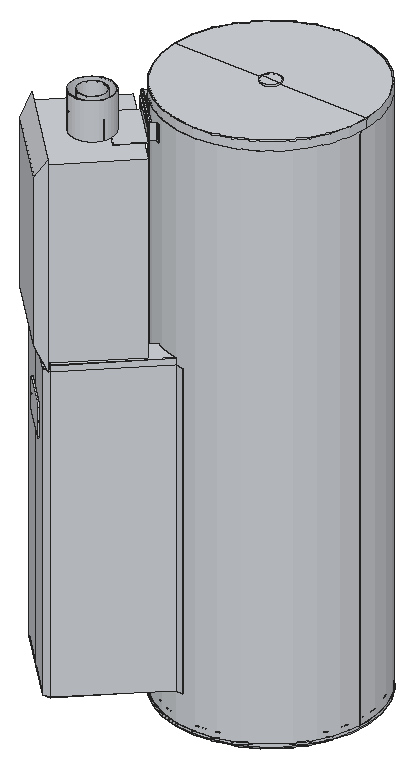
Revit family "315L Indoor Commercial Gas Storage Water Heater ,m,mn", category Mechanical Equipment, Revit 2017
Family settings
  Round Connector Dimension = Use Diameter
  Part Type = Normal
  Work Plane-Based = No
  Always vertical = Yes
  Cut with Voids When Loaded = No
  Shared = No
  Room Calculation Point = No
Parameters (values of type "Indoor")
  Weight (Kg) = "139"
  Total Maximum  power requirement(Watts) = "245"
  Supply Air/Air Inlet pipe diameter = 79.97 mm
  Supply Air/Air Inlet pipe connector description = "80-125mm coaxial air connector"
  Supply Air/Air Inlet connector classification = "Supply Air"
  Product description = "315L Indoor Commercial Gas Storage Water Heater"
  Product SKU Thermann brand = "T12813FN/LTK"
  Product SKU Dux brand = "D12813FN/LTK"
  Optional Cold Water Inlet connector description = "Optional Cold Water Inlet connector: Male threaded connector R1-1/4\"(DN32)"
  Nominal width = "619mm"
  Nominal height = "1760mm"
  Nominal gas consumption (MJ/h) = "205"
  Nominal depth = "916mm"
  No. of power supply point required = "1"
  Hot Water Outlet connector description = "Hot Water Outlet connector: Male threaded connector R1-1/4\"(DN32)"
  Gas Inlet connector description = "Gas Inlet connector description:Male threaded connector R¾”(DN20)"
  Exhaust Air pipe diameter = 125.016 mm
  Exhaust Air pipe connector system classification = "Exhaust Air"
  Exhaust Air pipe connector description = "80-125mm coaxial air connector"
  Cold Water Inlet  connector description = "Cold Water Inlet  connector description: Male threaded connector R1-1/4\"(DN32)"
Reference planes
  plane 1 "Center (Front/Back)": y = 0
  plane 2: z = 0
  plane 3 "Center (Left/Right)": x = 0
Forms (mm)
  Extrusion 1, solid
    sketch origin (0, 0, 0) x (1, 0, 0) y (0, 1, 0)
      loop
        circle (0, 0) r 276.1
      loop
        circle (0, 0) r 266.1
    from 0 to 2.194
  Revolve 2, solid
    sketch origin (0, 0, 284.956) x (1, 0, 0) y (0, 1, 0)
      loop
        line (-192.426, 252.53) -> (-208.243, 245.154) -> (-209.304, 244.093) -> (-210.698, 241.103) -> (-209.477, 239.882) -> (-208.082, 242.872) -> (-192.015, 226.805) -> (-190.247, 227.158) -> (-196.636, 233.547) -> (-188.575, 241.608) -> (-195.801, 248.834) -> (-190.979, 251.083) -> (-192.426, 252.53)
      axis (-208.703, 208.703) -> (-226.698, 226.698)
    angle from 0 to 360
  Revolve 3, solid
    sketch origin (0, 0, 699.956) x (1, 0, 0) y (0, 1, 0)
      loop
        line (-192.426, 252.53) -> (-208.243, 245.154) -> (-209.304, 244.093) -> (-210.698, 241.103) -> (-209.477, 239.882) -> (-208.082, 242.872) -> (-192.015, 226.805) -> (-190.247, 227.158) -> (-196.636, 233.547) -> (-188.575, 241.608) -> (-195.801, 248.834) -> (-190.979, 251.083) -> (-192.426, 252.53)
      axis (-208.703, 208.703) -> (-226.698, 226.698)
    angle from 0 to 360
  Revolve 4, solid
    sketch origin (0, 0, 1465.35) x (1, 0, 0) y (0, 1, 0)
      loop
        line (-192.426, 252.53) -> (-208.243, 245.154) -> (-209.304, 244.093) -> (-210.698, 241.103) -> (-209.477, 239.882) -> (-208.082, 242.872) -> (-192.015, 226.805) -> (-190.247, 227.158) -> (-196.636, 233.547) -> (-188.575, 241.608) -> (-195.801, 248.834) -> (-190.979, 251.083) -> (-192.426, 252.53)
      axis (-208.703, 208.703) -> (-226.698, 226.698)
    angle from 0 to 360
  Revolve 5, solid
    sketch origin (0, 0, 1536.7) x (1, 0, 0) y (0, 1, 0)
      loop
        line (-270.484, 120.104) -> (-280.514, 123.755) -> (-273.611, 141.089) -> (-275.111, 141.635) -> (-287.868, 126.432) -> (-288.381, 125.022) -> (-288.381, 119.329) -> (-287.181, 118.892) -> (-287.181, 124.585) -> (-272.407, 119.208) -> (-270.484, 120.104)
      axis (-294.829, 107.309) -> (-277.444, 100.981)
    angle from 0 to 360
  Revolve 6, solid
    sketch origin (0, 0, 0) x (1, 0, 0) y (0, 0, 1)
      loop
        line (0, 1756.25) -> (28.956, 1756.25) -> (28.956, 1752.05) -> (306.206, 1752.05) -> (306.206, 1723.844) -> (307, 1723.844) -> (307, 1751.244)
        arc (307, 1751.244) -> (306.531, 1752.375) -> (305.4, 1752.844) r 1.6
        line (305.4, 1752.844) -> (29.75, 1752.844) -> (29.75, 1757.044) -> (0, 1757.044) -> (0, 1756.25)
      axis (0, 1757.044) -> (0, 1723.844)
    angle from 0 to 360
  Revolve 7, solid
    sketch origin (0, 0, 0) x (1, 0, 0) y (0, 0, 1)
      loop
        line (0, 2.194) -> (276.1, 2.194)
        arc (276.1, 2.194) -> (286.649, 5.621) -> (293.169, 14.595) r 17.947
        line (293.169, 14.595) -> (296.846, 38.566)
        arc (296.846, 38.566) -> (297.212, 39.133) -> (297.812, 38.824) r 0.502
        line (297.812, 38.824) -> (304.16, 21.873)
        arc (304.16, 21.873) -> (306.782, 19.717) -> (309.103, 22.194) r 2.482
        line (309.103, 22.194) -> (309.103, 29.758)
        arc (309.103, 29.758) -> (308.674, 30.175) -> (308.057, 30.108) r 0.702
        line (308.057, 30.108) -> (307.157, 28.694) -> (307.157, 22.194) -> (305.023, 26.761)
        arc (305.023, 26.761) -> (302.046, 34.658) -> (297.668, 41.873) r 45.75
        arc (297.668, 41.873) -> (295.668, 41.89) -> (294.507, 40.262) r 2.165
        line (294.507, 40.262) -> (291.586, 19.478)
        arc (291.586, 19.478) -> (286.805, 8.983) -> (276.1, 4.694) r 15.503
        line (276.1, 4.694) -> (0, 4.694) -> (0, 2.194)
      axis (0, 41.873) -> (0, 2.194)
    angle from 0 to 360
  Revolve 8, solid
    sketch origin (0, 0, 0) x (1, 0, 0) y (0, 0, 1)
      loop
        line (306.6, 1723.844) -> (304.702, 1723.844) -> (304.702, 28.694) -> (306.6, 28.694) -> (306.6, 1723.844)
      axis (0, 1723.844) -> (0, 28.694)
    angle from -4.435 to 355.2
  Extrusion 9, solid
    sketch origin (-354.29, -14.315, 862.194) x (0.06401, -0.997949, 0) y (0, 0, 1)
      loop
        line (4.097, 16.1) -> (-5.198, 0) -> (4.097, -16.1) -> (22.688, -16.1) -> (31.983, 0) -> (22.688, 16.1) -> (4.097, 16.1)
      loop
        circle (13.393, 0) r 12.193
    from 0 to -6.5
  Extrusion 10, solid
    sketch origin (-354.29, -14.315, 862.194) x (0.06401, -0.997949, 0) y (0, 0, 1)
      loop
        line (-9.235, -4.728) -> (9.957, -11.336) -> (19.372, -20.751)
        arc (19.372, -20.751) -> (25.806, -23.234) -> (28.6, -16.928) r 5
        line (28.6, -16.928) -> (28.6, 16.928)
        arc (28.6, 16.928) -> (26.568, 22.838) -> (20.357, 22.15) r 5
        line (20.357, 22.15) -> (9.326, 11.119) -> (-9.235, 4.728)
        arc (-9.235, 4.728) -> (-12.607, 0) -> (-9.235, -4.728) r 5
      loop
        circle (23.893, 18.615) r 2.75
      loop
        circle (-7.607, 0) r 2.75
      loop
        circle (23.893, -18.615) r 2.75
    from -48.859 to -42.22
  Revolve 11, solid
    sketch origin (0, 0, 862.012) x (1, 0, 0) y (0, 1, 0)
      loop
        line (-313.508, -14.197) -> (-330.251, -15.271)
        arc (-330.251, -15.271) -> (-331.024, -15.168) -> (-331.699, -14.777) r 2
        line (-331.699, -14.777) -> (-335.871, -11.108)
        arc (-335.871, -11.108) -> (-336.547, -10.716) -> (-337.32, -10.614) r 2
        line (-337.32, -10.614) -> (-347.97, -11.297) -> (-347.726, -15.096) -> (-337.747, -14.456) -> (-335.127, -18.389) -> (-316.927, -17.222) -> (-316.473, -24.295) -> (-303.064, -23.435) -> (-304.056, -7.972) -> (-311.634, -7.972) -> (-311.634, -12.323)
        arc (-311.634, -12.323) -> (-312.183, -13.648) -> (-313.508, -14.197) r 1.874
      axis (-302.999, -24.445) -> (-346.946, -27.264)
    angle from 0 to 360
  Extrusion 12, solid
    sketch origin (-318.548, -64.523, 989.434) x (-0.028566, -0.001832, -0.99959) y (0.99754, 0.063984, -0.028625)
      loop
        line (136.799, -14.286) -> (144.578, 1.19) -> (135.066, 15.664) -> (117.775, 14.664) -> (109.995, -0.811) -> (119.507, -15.286) -> (136.799, -14.286)
      loop
        circle (127.287, 0.189) r 10
    from 0 to -20
  Revolve 13, solid
    sketch origin (0, 0, 862.012) x (1, 0, 0) y (0, 1, 0)
      loop
        line (-310.178, -42.441) -> (-312.063, -40.803)
        arc (-312.063, -40.803) -> (-312.498, -40.237) -> (-312.676, -39.545) r 1.791
        line (-312.676, -39.545) -> (-312.776, -37.987) -> (-313.619, -24.856) -> (-315.889, -24.856) -> (-315.203, -35.56) -> (-314.449, -47.309) -> (-309.943, -46.102) -> (-310.178, -42.441)
      axis (-324.518, -25.409) -> (-323.078, -47.863)
    angle from 0 to 360
  Extrusion 14, solid
    sketch origin (-318.548, -64.523, 989.434) x (-0.028566, -0.001832, -0.99959) y (0.99754, 0.063984, -0.028625)
      loop
        circle (127.287, 0.189) r 10
    from 0 to 304.8
  Extrusion 15, solid
    sketch origin (-304.957, -36.012, 1050.594) x (-0.706197, 0.708016, 0) y (-0.708016, -0.706197, 0)
      loop
        line (-19.963, 15.077) -> (-19.963, 327.607)
        arc (-19.963, 327.607) -> (-20.053, 328.1) -> (-20.311, 328.531) r 1.4
        line (-20.311, 328.531) -> (-36.537, 347.001)
        arc (-36.537, 347.001) -> (-37.012, 347.352) -> (-37.589, 347.477) r 1.4
        line (-37.589, 347.477) -> (-190.62, 347.28) -> (-343.651, 347.083)
        arc (-343.651, 347.083) -> (-344.228, 346.957) -> (-344.701, 346.604) r 1.4
        line (-344.701, 346.604) -> (-360.88, 328.092)
        arc (-360.88, 328.092) -> (-361.137, 327.662) -> (-361.226, 327.168) r 1.4
        line (-361.226, 327.168) -> (-360.422, 14.639) -> (-380.864, 0.247) -> (-380.345, -0.489) -> (-360.116, 13.753)
        arc (-360.116, 13.753) -> (-359.679, 14.254) -> (-359.522, 14.901) r 1.4
        line (-359.522, 14.901) -> (-360.326, 327.169) -> (-343.852, 346.018) -> (-190.618, 346.215) -> (-37.385, 346.412) -> (-20.863, 327.605) -> (-20.863, 15.337)
        arc (-20.863, 15.337) -> (-20.704, 14.69) -> (-20.266, 14.19) r 1.4
        line (-20.266, 14.19) -> (0, 0) -> (0.516, 0.737) -> (-19.963, 15.077)
    from 0 to -929.219
  Extrusion 16, solid
    sketch origin (-522.175, -282.138, 1068.77) x (0.706197, -0.708016, 0) y (0, 0, 1)
      loop
        line (0, -18.176) -> (0, 0.5) -> (80, 0.5) -> (80, 1.4) -> (0.5, 1.4)
        arc (0.5, 1.4) -> (-0.49, 0.99) -> (-0.9, 0) r 1.4
        line (-0.9, 0) -> (-0.9, -18.176) -> (0, -18.176)
      loop
        arc (338.9, 0) -> (338.49, 0.99) -> (337.5, 1.4) r 1.4
        line (337.5, 1.4) -> (258, 1.4) -> (258, 0.5) -> (337.5, 0.5)
        arc (337.5, 0.5) -> (337.854, 0.354) -> (338, 0) r 0.5
        line (338, 0) -> (338, -18.176) -> (338.9, -18.176) -> (338.9, 0)
    from -328.501 to 0
  Extrusion 17, solid
    sketch origin (-534.811, -296.331, 1067.594) x (0, 0, -1) y (-0.708016, -0.706197, 0)
      loop
        line (15.6, -16) -> (-1.176, -16) -> (-1.176, -16.9) -> (16.5, -16.9) -> (16.5, -0.5)
        arc (16.5, -0.5) -> (16.646, -0.146) -> (17, 0) r 0.5
        line (17, 0) -> (17, 0.9)
        arc (17, 0.9) -> (16.01, 0.49) -> (15.6, -0.5) r 1.4
        line (15.6, -0.5) -> (15.6, -16)
    from 0 to -342.035
  Extrusion 18, void
    sketch origin (-534.457, -295.978, 1051.994) x (0.708016, 0.706197, 0) y (-0.706197, 0.708016, 0)
      loop
        line (-6.563, -21.36) -> (22.512, 4.153) -> (-6.594, 2.59) -> (-6.563, -21.36)
      loop
        line (-2.988, -320.563) -> (-2.956, -345.432) -> (23.822, -343.994) -> (-2.988, -320.563)
    from -13.503 to 49.853
  Extrusion 19, solid
    sketch origin (-370.045, -467.044, 856.994) x (0, 0, -1) y (0.706197, -0.708016, 0)
      loop
        line (-40, -144.25) -> (-4.75, -144.25) -> (-2.75, -142.25) -> (-2.75, -138.5)
        arc (-2.75, -138.5) -> (0, -135.75) -> (2.75, -138.5) r 2.75
        line (2.75, -138.5) -> (2.75, -142.25) -> (4.75, -144.25) -> (40, -144.25)
        arc (40, -144.25) -> (47.071, -141.321) -> (50, -134.25) r 10
        line (50, -134.25) -> (50, -4.25)
        arc (50, -4.25) -> (47.071, 2.821) -> (40, 5.75) r 10
        line (40, 5.75) -> (4.75, 5.75) -> (2.75, 3.75) -> (2.75, 0)
        arc (2.75, 0) -> (1.945, -1.945) -> (0, -2.75) r 2.75
        arc (0, -2.75) -> (-1.945, -1.945) -> (-2.75, 0) r 2.75
        line (-2.75, 0) -> (-2.75, 3.75) -> (-4.75, 5.75) -> (-40, 5.75)
        arc (-40, 5.75) -> (-47.071, 2.821) -> (-50, -4.25) r 10
        line (-50, -4.25) -> (-50, -134.25)
        arc (-50, -134.25) -> (-47.071, -141.321) -> (-40, -144.25) r 10
    from 0 to -3
  Extrusion 20, solid
    sketch origin (-230.635, -230.635, 1074.344) x (0, 0, 1) y (0.707107, -0.707107, 0)
      loop
        line (567, -167) -> (567, 167) -> (0, 167) -> (0, -167) -> (567, -167)
    from 0 to -252
  Blend 21, solid
    base sketch origin (-408.825, -408.825, 1074.344) x (-0.707107, 0.707107, 0) y (0, 0, 1)
      loop
        line (175, 583.5) -> (-175, 583.5) -> (-175, -16.5) -> (175, -16.5) -> (175, 583.5)
    top sketch origin (-408.825, -408.825, 1074.344) x (-0.707107, 0.707107, 0) y (0, 0, 1)
      loop
        line (-154.657, 523.454) -> (-154.657, 43.546) -> (154.657, 43.546) -> (154.657, 523.454) -> (-154.657, 523.454)
    from 0 to -33.113
  Extrusion 22, solid
    sketch origin (-290.739, -170.53, 1074.344) x (-0.707107, -0.707107, 0) y (0, 0, 1)
      loop
        line (-8.8, 568.2) -> (-8.8, 607) -> (-10, 607) -> (-10, 567) -> (80, 567) -> (80, 568.2) -> (-8.8, 568.2)
    from 0 to -169.25
  Extrusion 23, solid
    sketch origin (-238.137, -202.782, 1704.741) x (0, 0, 1) y (0.707107, 0.707107, 0)
      loop
        line (-4.019, -2.662) -> (-2.853, 0.927) -> (-4.28, 1.391) -> (-5.446, -2.198)
        arc (-5.446, -2.198) -> (-5.809, -2.698) -> (-6.397, -2.889) r 1
        line (-6.397, -2.889) -> (-56.397, -2.889) -> (-56.397, -4.389) -> (-6.397, -4.389)
        arc (-6.397, -4.389) -> (-4.927, -3.912) -> (-4.019, -2.662) r 2.5
    from -109.25 to 58.25
  Extrusion 24, solid
    sketch origin (-283.668, -162.399, 1698.344) x (0.707107, 0.707107, 0) y (-0.707107, 0.707107, 0)
      loop
        line (1.75, -1.5) -> (18.657, -1.5)
        arc (18.657, -1.5) -> (20.179, -0.983) -> (21.072, 0.353) r 2.5
        line (21.072, 0.353) -> (24.607, 13.545) -> (23.158, 13.933) -> (19.623, 0.741)
        arc (19.623, 0.741) -> (19.266, 0.207) -> (18.657, 0) r 1
        line (18.657, 0) -> (1.75, 0)
        arc (1.75, 0) -> (-0.018, -0.732) -> (-0.75, -2.5) r 2.5
        line (-0.75, -2.5) -> (0.75, -2.5)
        arc (0.75, -2.5) -> (1.043, -1.793) -> (1.75, -1.5) r 1
      loop
        line (1.75, -171.5) -> (18.657, -171.5)
        arc (18.657, -171.5) -> (19.266, -171.707) -> (19.623, -172.241) r 1
        line (19.623, -172.241) -> (23.158, -185.433) -> (24.607, -185.045) -> (21.072, -171.853)
        arc (21.072, -171.853) -> (20.179, -170.517) -> (18.657, -170) r 2.5
        line (18.657, -170) -> (1.75, -170)
        arc (1.75, -170) -> (1.043, -169.707) -> (0.75, -169) r 1
        line (0.75, -169) -> (-0.75, -169)
        arc (-0.75, -169) -> (-0.018, -170.768) -> (1.75, -171.5) r 2.5
    from 0 to -50
  Extrusion 25, solid
    sketch origin (-234.956, -199.6, 1702.561) x (0, 0, -1) y (-0.707107, -0.707107, 0)
      loop
        line (-18.2, 1.5) -> (-18.2, 0) -> (-2.18, 0)
        arc (-2.18, 0) -> (0.465, 0.859) -> (2.1, 3.109) r 4.5
        line (2.1, 3.109) -> (0.674, 3.573)
        arc (0.674, 3.573) -> (-0.416, 2.073) -> (-2.18, 1.5) r 3
        line (-2.18, 1.5) -> (-18.2, 1.5)
    from 0 to -50
  Extrusion 26, solid
    sketch origin (-234.956, -199.6, 1644.127) x (-0.707107, -0.707107, 0) y (0, 0, 1)
      loop
        line (1.5, -18.2) -> (1.5, -2.18)
        arc (1.5, -2.18) -> (2.073, -0.416) -> (3.573, 0.674) r 3
        line (3.573, 0.674) -> (3.109, 2.1)
        arc (3.109, 2.1) -> (0.859, 0.465) -> (0, -2.18) r 4.5
        line (0, -2.18) -> (0, -18.2) -> (1.5, -18.2)
    from 0 to -40.506
  Extrusion 27, solid
    sketch origin (-316.407, -316.407, 1756.944) x (-0.707107, -0.707107, 0) y (0.707107, -0.707107, 0)
      loop
        circle (0, 0) r 63.25
      loop
        circle (0, 0) r 62.75
      loop
        circle (0, 0) r 41
      loop
        circle (0, 0) r 40.5
    from 0 to -120.507
  Extrusion 28, solid
    sketch origin (-316.407, -316.407, 1704.644) x (-0.707107, -0.707107, 0) y (0.707107, -0.707107, 0)
      loop
        circle (0, 0) r 62.75
    from 0 to -78.717
  Extrusion 29, solid
    sketch origin (0, 0, 0) x (1, 0, 0) y (0, 1, 0)
      loop
        arc (305.521, -25.665) -> (305.2, -24.828) -> (304.326, -25.03) r 0.683
        arc (304.326, -25.03) -> (304.601, -24.724) -> (304.969, -24.538) r 1.121
        arc (304.969, -24.538) -> (305.465, -24.208) -> (305.686, -23.655) r 1
        line (305.686, -23.655) -> (303.79, -23.555) -> (303.638, -25.507) -> (305.521, -25.665)
    from 26.761 to 1723.844
  Extrusion 30, void
    sketch origin (-522.944, -281.634, 120.594) x (0, 0, -1) y (-0.708016, -0.706197, 0)
      loop
        line (-776.176, -277.795) -> (-776.176, -372.063) -> (-716.176, -372.063) -> (-716.176, -277.795)
        arc (-716.176, -277.795) -> (-746.176, -247.795) -> (-776.176, -277.795) r 30
    from 43.112 to -135.258
  Extrusion 31, void
    sketch origin (-226.698, 226.698, 1465.35) x (0.707107, 0.707107, 0) y (0, 0, -1)
      loop
        circle (0, 0) r 21.5
      loop
        circle (0, 765.394) r 21.5
      loop
        circle (0, 1180.394) r 21.5
    from -82.976 to 107.26
  Extrusion 32, void
    sketch origin (-294.829, 107.309, 1536.7) x (0.34202, 0.939693, 0) y (0, 0, -1)
      loop
        circle (0, 0) r 13.5
    from -24.553 to 42.514
  Extrusion 33, solid
    sketch origin (-304.957, -36.012, 121.375) x (-0.708016, -0.706197, 0) y (-0.706197, 0.708016, 0)
      loop
        line (347.28, -190.62) -> (347.477, -37.589)
        arc (347.477, -37.589) -> (347.352, -37.012) -> (347.001, -36.537) r 1.4
        line (347.001, -36.537) -> (328.531, -20.311)
        arc (328.531, -20.311) -> (328.1, -20.053) -> (327.607, -19.963) r 1.4
        line (327.607, -19.963) -> (45.461, -19.963)
        arc (45.461, -19.963) -> (92.653, -191.473) -> (37.158, -360.48) r 308.057
        line (37.158, -360.48) -> (327.168, -361.226)
        arc (327.168, -361.226) -> (327.662, -361.137) -> (328.092, -360.88) r 1.4
        line (328.092, -360.88) -> (346.604, -344.701)
        arc (346.604, -344.701) -> (346.957, -344.228) -> (347.083, -343.651) r 1.4
        line (347.083, -343.651) -> (347.28, -190.62)
    from 0 to 0.794
Cuts and joins
  Extrusion 18 cuts Extrusion 17
  Extrusion 30 cuts Extrusion 15
  Extrusion 31, Extrusion 32 cuts Revolve 8
Dimensions and locks
  aligned and locked: plane 2 to level
Connectors
  hvac at (-316.407, -316.407, 1756.944), driven by "Supply Air/Air Inlet pipe connector description", driven by "Supply Air/Air Inlet pipe diameter"
    settings: on Extrusion 27, index 1, duct flow 0 CFM, flow factor 0, pres drop 0.00 in-wg, loss coef 0, conn angle 0.00°, conn width 12", conn height 12", conn diameter 3 19/128", duct sys type 1, conn prof type 0, flow config 0, flow direction 1, loss method 0, conn ref index -1, conn util no, is conn primary yes, conn desc "80-125mm coaxial air connector"
  hvac at (-316.407, -316.407, 1756.944), driven by "Exhaust Air pipe connector description", driven by "Exhaust Air pipe diameter"
    settings: on Extrusion 27, index 2, duct flow 0 CFM, flow factor 0, pres drop 0.00 in-wg, loss coef 0, conn angle 0.00°, conn width 12", conn height 12", conn diameter 4 59/64", duct sys type 3, conn prof type 0, flow config 0, flow direction 2, loss method 0, conn ref index -1, conn util no, is conn primary no, conn desc "80-125mm coaxial air connector"
  piping at (-353.432, -27.68, 862.194), diameter 20, driven by "Gas Inlet connector description"
    settings: on Extrusion 9, index 3, connector inside diameter 24", connector length 0 mm, flow factor 0, pipe flow 0 GPM, pressure drop 0.00 psi, fitting loss kfactor 0, connector angle 0.00°, fixture units 0, engagement length 0 mm, angle of deflection 0.00°, flow configuration 0, flow direction 1, fitting loss method 0, system type 22, joint type 0, gender type 0, connector reference index -1, connector utility 0, adjustable connector no, is connector primary yes, connector description "Gas Inlet connector description:Male threaded connector R¾”(DN20)"
  piping at (-226.698, 226.698, 1465.35), diameter 32, driven by "Hot Water Outlet connector description"
    settings: on Revolve 4, index 4, connector inside diameter 24", connector length 0 mm, flow factor 0, pipe flow 0 GPM, pressure drop 0.00 psi, fitting loss kfactor 0, connector angle 0.00°, fixture units 0, engagement length 0 mm, angle of deflection 0.00°, flow configuration 0, flow direction 2, fitting loss method 0, system type 19, joint type 0, gender type 0, connector reference index -1, connector utility 0, adjustable connector no, is connector primary no, connector description "Hot Water Outlet connector: Male threaded connector R1-1/4\"(DN32)"
  piping at (-226.698, 226.698, 699.956), diameter 32, driven by "Optional Cold Water Inlet connector description"
    settings: on Revolve 3, index 5, connector inside diameter 24", connector length 0 mm, flow factor 0, pipe flow 0 GPM, pressure drop 0.00 psi, fitting loss kfactor 0, connector angle 0.00°, fixture units 0, engagement length 0 mm, angle of deflection 0.00°, flow configuration 0, flow direction 1, fitting loss method 0, system type 20, joint type 0, gender type 0, connector reference index -1, connector utility 0, adjustable connector no, is connector primary no, connector description "Optional Cold Water Inlet connector: Male threaded connector R1-1/4\"(DN32)"
  piping at (-226.698, 226.698, 284.956), diameter 32, driven by "Cold Water Inlet  connector description"
    settings: on Revolve 2, index 6, connector inside diameter 24", connector length 0 mm, flow factor 0, pipe flow 0 GPM, pressure drop 0.00 psi, fitting loss kfactor 0, connector angle 0.00°, fixture units 0, engagement length 0 mm, angle of deflection 0.00°, flow configuration 0, flow direction 1, fitting loss method 0, system type 20, joint type 0, gender type 0, connector reference index -1, connector utility 0, adjustable connector no, is connector primary no, connector description "Cold Water Inlet  connector description: Male threaded connector R1-1/4\"(DN32)"
